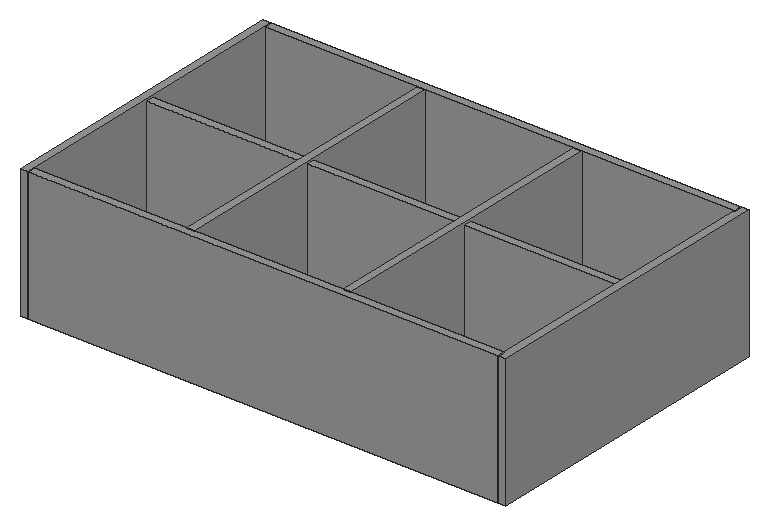
Revit family "TMI - W1170 - Wall_Open Compartments1", category Casework, host Face, Revit 2016
Family settings
  Host = Face
  OmniClass Number = 23.40.35.14.11
  OmniClass Title = Modular Casework
  Cut with Voids When Loaded = No
  Shared = No
  Room Calculation Point = No
Parameters (values of type "48" x 30" x 13"")
  Width = 48"
  Verticle Partition [instance] = Width > 39"  # yes
  URL = "www.tmisystems.com"
  Two Verticals [instance] = Amount of Verticals = 2  # yes
  Two Shelves [instance] = Shelf Quantity = 2  # no
  Three Shelves [instance] = Shelf Quantity = 3  # no
  Shelf Thickness = 3/4"
  Shelf Quantity [instance] = 1
  One Vertical [instance] = Amount of Verticals = 1  # no
  One Shelf [instance] = Shelf Quantity = 1  # yes
  Model = "W1170"
  Manufacturer = "TMI Systems Corporation"
  Interior Finish = none
  Height = 30"
  Filler Width (Right) [instance] = 3"
  Filler Width (Left) [instance] = 3"
  Filler Right [instance] = no
  Filler Left [instance] = no
  TFM Thickness = 1/32"
  Description = "Wall, Open Compartments"
  Depth = 13"
  Default Elevation = 84"
  Casework Thickness = 3/4"
  Casework Back Thickness = 1/4"
  Cabinet Finish = Plastic Laminate
  Amount of Verticals [instance] = 2
Types (7): name | Width | Verticle Partition
  30" x 30" x 13" | 30" | no
  33" x 30" x 13" | 33" | no
  36" x 30" x 13" | 36" | no
  39" x 30" x 13" | 39" | no
  42" x 30" x 13" | 42" | yes
  45" x 30" x 13" | 45" | yes
  48" x 30" x 13" | 48" | yes
Reference planes (in)
  plane 1 "Center (Front/Back)": y = 0
  plane 2: z = 0
  plane 3 "Center (Left/Right)": x = 0
  plane 4: x = -24
  plane 5: x = 24
  plane 6: y = -25.25
  plane 7: y = -4.75
  plane 8: x = -27
  plane 9: x = 27
  plane 10: z = 0.75
  plane 11: z = 1
  plane 12: y = -30
  plane 13: x = -23.25
  plane 14: y = -29.25
  plane 15: x = 23.25
  plane 16: y = -0.75
  plane 17: y = -7.3125
  plane 18: y = -8.0625
  plane 19: y = -14.625
  plane 20: y = -15.375
  plane 21: y = -19.5
  plane 22: y = -20.25
  plane 23: y = -21.9375
  plane 24: y = -22.6875
  plane 25: y = -9.75
  plane 26: y = -10.5
  plane 27: x = -0.375
  plane 28: x = 0.375
  plane 29: z = 12.875
  plane 30: x = -7.75
  plane 31: x = 7.75
  plane 32: x = 8.125
  plane 33: x = 7.375
  plane 34: x = -8.125
  plane 35: x = -7.375
  plane 36: z = 13
  plane 37: z = 12.25
  plane 38: y = -0.375
  plane 39: y = -29.625
Forms (in)
  Extrusion 1, solid, material "Plastic Laminate" <- "Cabinet Finish"
    sketch origin (0, -30, 0) x (1, 0, 0) y (0, 1, 0)
      loop
        line (-24, 30) -> (-24, 0) -> (-23.25, 0) -> (-23.25, 30) -> (-24, 30)
      loop
        line (23.25, 30) -> (23.25, 0) -> (24, 0) -> (24, 30) -> (23.25, 30)
    from 0 to 13
  Extrusion 2, solid, material "Plastic Laminate" <- "Cabinet Finish"
    sketch origin (0, -30, 0) x (1, 0, 0) y (0, 1, 0)
      loop
        line (-23.25, 29.25) -> (23.25, 29.25) -> (23.25, 30) -> (-23.25, 30) -> (-23.25, 29.25)
      loop
        line (-23.25, 0.75) -> (-23.25, 0) -> (23.25, 0) -> (23.25, 0.75) -> (-23.25, 0.75)
    from 0 to 13
  Extrusion 3, solid, material "Wood"
    sketch origin (0, -30, 0) x (1, 0, 0) y (0, 1, 0)
      loop
        line (-23.28125, 29.25) -> (-23.28125, 25.25) -> (23.28125, 25.25) -> (23.28125, 29.25) -> (-23.28125, 29.25)
      loop
        line (-23.28125, 4.75) -> (-23.28125, 0.75) -> (23.28125, 0.75) -> (23.28125, 4.75) -> (-23.28125, 4.75)
    from 0 to 0.75
  Extrusion 4, solid, material "Plastic Laminate" <- "Cabinet Finish"
    sketch origin (0, 0, 0) x (1, 0, 0) y (0, 0, 1)
      loop
        line (-23.28125, 1) -> (-23.28125, 0.75) -> (23.28125, 0.75) -> (23.28125, 1) -> (-23.28125, 1)
    from 0.375 to 29.625
  Extrusion 5, solid, material "Plastic Laminate" <- "Cabinet Finish", visible <- "Filler Left"
    sketch origin (0, -30, 0) x (1, 0, 0) y (0, 1, 0)
      loop
        line (-27, 30) -> (-27, 0) -> (-24, 0) -> (-24, 30) -> (-27, 30)
    from 12.25 to 13
  Extrusion 6, solid, material "Plastic Laminate" <- "Cabinet Finish", visible <- "Filler Right"
    sketch origin (0, -30, 0) x (1, 0, 0) y (0, 1, 0)
      loop
        line (27, 30) -> (24, 30) -> (24, 0) -> (27, 0) -> (27, 30)
    from 12.25 to 13
  Extrusion 7, solid, material "Plastic Laminate" <- "Cabinet Finish", visible <- "Three Shelves"
    sketch origin (0, 0, 0) x (1, 0, 0) y (0, 1, 0)
      loop
        line (-23.25, -7.3125) -> (-23.25, -8.0625) -> (23.25, -8.0625) -> (23.25, -7.3125) -> (-23.25, -7.3125)
    from 1 to 12.875
  Extrusion 8, solid, material "Plastic Laminate" <- "Cabinet Finish", visible <- "Two Shelves"
    sketch origin (0, 0, 0) x (1, 0, 0) y (0, 1, 0)
      loop
        line (-23.25, -9.75) -> (-23.25, -10.5) -> (23.25, -10.5) -> (23.25, -9.75) -> (-23.25, -9.75)
    from 1 to 12.875
  Extrusion 9, solid, material "Plastic Laminate" <- "Cabinet Finish", visible <- "Three Shelves"
    sketch origin (0, 0, 0) x (1, 0, 0) y (0, 1, 0)
      loop
        line (-23.25, -14.625) -> (-23.25, -15.375) -> (23.25, -15.375) -> (23.25, -14.625) -> (-23.25, -14.625)
    from 1 to 12.875
  Extrusion 10, solid, material "Plastic Laminate" <- "Cabinet Finish", visible <- "Two Shelves"
    sketch origin (0, 0, 0) x (1, 0, 0) y (0, 1, 0)
      loop
        line (-23.25, -19.5) -> (-23.25, -20.25) -> (23.25, -20.25) -> (23.25, -19.5) -> (-23.25, -19.5)
    from 1 to 12.875
  Extrusion 11, solid, material "Plastic Laminate" <- "Cabinet Finish", visible <- "Three Shelves"
    sketch origin (0, 0, 0) x (1, 0, 0) y (0, 1, 0)
      loop
        line (-23.25, -21.9375) -> (-23.25, -22.6875) -> (23.25, -22.6875) -> (23.25, -21.9375) -> (-23.25, -21.9375)
    from 1 to 12.875
  Extrusion 12, solid, material "Plastic Laminate" <- "Cabinet Finish", visible <- "One Shelf"
    sketch origin (0, 0, 0) x (1, 0, 0) y (0, 1, 0)
      loop
        line (-23.25, -14.625) -> (-23.25, -15.375) -> (23.25, -15.375) -> (23.25, -14.625) -> (-23.25, -14.625)
    from 1 to 12.875
  Extrusion 13, solid, material "Plastic Laminate" <- "Cabinet Finish", visible <- "One Vertical"
    sketch origin (0, 0, 0) x (1, 0, 0) y (0, 1, 0)
      loop
        line (-0.375, -0.75) -> (-0.375, -29.25) -> (0.375, -29.25) -> (0.375, -0.75) -> (-0.375, -0.75)
    from 1 to 13
  Extrusion 14, solid, material "Plastic Laminate" <- "Cabinet Finish", visible <- "Two Verticals"
    sketch origin (0, 0, 0) x (1, 0, 0) y (0, 1, 0)
      loop
        line (8.125, -0.75) -> (7.375, -0.75) -> (7.375, -29.25) -> (8.125, -29.25) -> (8.125, -0.75)
      loop
        line (-8.125, -29.25) -> (-7.375, -29.25) -> (-7.375, -0.75) -> (-8.125, -0.75) -> (-8.125, -29.25)
    from 1 to 13
Lines and regions (in)
  Masking region 1
    outline origin (0, 0, 0) x (1, 0, 0) y (0, 0, 1)
      loop
        line (-24, 13) -> (-24, 0) -> (24, 0) -> (24, 13) -> (-24, 13)
  Masking region 2, visible <- "Filler Left"
    outline origin (0, 0, 0) x (1, 0, 0) y (0, 0, 1)
      loop
        line (-27, 13) -> (-27, 12.25) -> (-24, 12.25) -> (-24, 13) -> (-27, 13)
  Masking region 3, visible <- "Filler Right"
    outline origin (0, 0, 0) x (1, 0, 0) y (0, 0, 1)
      loop
        line (24, 13) -> (24, 12.25) -> (27, 12.25) -> (27, 13) -> (24, 13)
  symbolic lines
    curve 1: line (24, 0, 0) -> (24, -30, 0)
  symbolic lines, style "CaseworkHiddenLines", visible <- "Three Shelves"
    curve 2: line (0, -7.3125, 1) -> (0, -7.3125, 12.875)
    curve 3: line (0, -7.3125, 12.875) -> (0, -8.0625, 12.875)
    curve 4: line (0, -8.0625, 12.875) -> (0, -8.0625, 1)
    curve 11: line (0, -14.625, 1) -> (0, -14.625, 12.875)
    curve 12: line (0, -14.625, 12.875) -> (0, -15.375, 12.875)
    curve 13: line (0, -15.375, 12.875) -> (0, -15.375, 1)
    curve 17: line (0, -21.9375, 1) -> (0, -21.9375, 12.875)
    curve 18: line (0, -21.9375, 12.875) -> (0, -22.6875, 12.875)
    curve 19: line (0, -22.6875, 12.875) -> (0, -22.6875, 1)
  symbolic lines, style "CaseworkHiddenLines", visible <- "Two Shelves"
    curve 5: line (0, -9.75, 1) -> (0, -9.75, 12.875)
    curve 6: line (0, -9.75, 12.875) -> (0, -10.5, 12.875)
    curve 7: line (0, -10.5, 12.875) -> (0, -10.5, 1)
    curve 14: line (0, -19.5, 1) -> (0, -19.5, 12.875)
    curve 15: line (0, -19.5, 12.875) -> (0, -20.25, 12.875)
    curve 16: line (0, -20.25, 12.875) -> (0, -20.25, 1)
  symbolic lines, style "CaseworkHiddenLines", visible <- "One Shelf"
    curve 8: line (0, -14.625, 1) -> (0, -14.625, 12.875)
    curve 9: line (0, -14.625, 12.875) -> (0, -15.375, 12.875)
    curve 10: line (0, -15.375, 12.875) -> (0, -15.375, 1)
Dimensions and locks (in)
  "Casework Thickness": plane 4 to plane 13
  "Casework Thickness": plane 15 to plane 5
  "Filler Width (Left)": plane 8 to plane 4
  "Filler Width (Right)": plane 5 to plane 9
  "Height": plane 1 "Center (Front/Back)" to plane 12
  "Width": plane 4 to plane 5
  equal spacing: plane 4, plane 3 "Center (Left/Right)", plane 5
  "Casework Thickness": plane 10 to plane 2
  "Casework Back Thickness": plane 11 to plane 10
  "Shelf Thickness": plane 17 to plane 18
  "Shelf Thickness": plane 19 to plane 20
  "Shelf Thickness": plane 21 to plane 22
  "Shelf Thickness": plane 23 to plane 24
  "Shelf Thickness": plane 25 to plane 26
  "Casework Thickness": plane 14 to plane 12
  "Casework Thickness": plane 16 to plane 1 "Center (Front/Back)"
  equal spacing: plane 14, plane 23, plane 19, plane 17, plane 1 "Center (Front/Back)"
  equal spacing: plane 14, plane 21, plane 25, plane 1 "Center (Front/Back)"
  "Casework Thickness": plane 27 to plane 28
  equal spacing: plane 27, plane 3 "Center (Left/Right)", plane 28
  "Casework Thickness": plane 34 to plane 35
  equal spacing: plane 34, plane 30, plane 35
  equal spacing: plane 33, plane 31, plane 32
  "Casework Thickness": plane 33 to plane 32
  "Depth": plane 36 to plane 2
  equal spacing: plane 13, plane 30, plane 31, plane 15
  locked: plane 6 to plane 14 at 4
  locked: plane 16 to plane 7 at 4
  locked: plane 36 to plane 29 at 0.125
  locked: plane 36 to plane 37 at 0.75
  locked: plane 38 to plane 16 at 0.375
  locked: plane 14 to plane 39 at 0.375
  aligned and locked: plane 2 to host face
  aligned and locked: level to host face
  aligned and locked: plane 4 to Extrusion 1 sketch curve
  aligned and locked: Extrusion 1 sketch curve to plane 5
  aligned and locked: Extrusion 1 to plane 2
  aligned and locked: Extrusion 2 to plane 2
  aligned and locked: Extrusion 3 to plane 2
  aligned and locked: Extrusion 3 to plane 10
  aligned and locked: Extrusion 4 sketch curve to plane 11
  aligned and locked: Extrusion 4 sketch curve to plane 10
  aligned and locked: plane 8 to Extrusion 5 sketch curve
  aligned and locked: Extrusion 5 sketch curve to plane 4
  aligned and locked: plane 9 to Extrusion 6 sketch curve
  aligned and locked: Extrusion 6 sketch curve to plane 5
  aligned and locked: curve 1 to plane 5
  aligned and locked: Extrusion 2 to plane 1 "Center (Front/Back)"  (x4)
  aligned and locked: Extrusion 3 to plane 7  (x2)
  aligned and locked: Extrusion 7 sketch curve to plane 17
  aligned and locked: plane 13 to Extrusion 7 sketch curve
  aligned and locked: Extrusion 7 sketch curve to plane 18
  aligned and locked: plane 15 to Extrusion 7 sketch curve
  aligned and locked: Extrusion 8 sketch curve to plane 25
  aligned and locked: plane 13 to Extrusion 8 sketch curve
  aligned and locked: Extrusion 8 sketch curve to plane 26
  aligned and locked: plane 15 to Extrusion 8 sketch curve
  aligned and locked: Extrusion 9 sketch curve to plane 19
  aligned and locked: plane 13 to Extrusion 9 sketch curve
  aligned and locked: Extrusion 9 sketch curve to plane 20
  aligned and locked: plane 15 to Extrusion 9 sketch curve
  aligned and locked: Extrusion 10 sketch curve to plane 21
  aligned and locked: plane 13 to Extrusion 10 sketch curve
  aligned and locked: Extrusion 10 sketch curve to plane 22
  aligned and locked: plane 15 to Extrusion 10 sketch curve
  aligned and locked: Extrusion 11 sketch curve to plane 23
  aligned and locked: plane 13 to Extrusion 11 sketch curve
  aligned and locked: Extrusion 11 sketch curve to plane 24
  aligned and locked: plane 15 to Extrusion 11 sketch curve
  aligned and locked: Extrusion 11 to plane 11
  aligned and locked: Extrusion 10 to plane 11
  aligned and locked: Extrusion 9 to plane 11
  aligned and locked: Extrusion 8 to plane 11
  aligned and locked: Extrusion 7 to plane 11
  aligned and locked: plane 4 to Extrusion 5  (x3)
  aligned and locked: Extrusion 1 to plane 1 "Center (Front/Back)"  (x4)
  aligned and locked: Extrusion 6 to plane 5  (x2)
  aligned and locked: Extrusion 1 to plane 4
  aligned and locked: Extrusion 2 to plane 12  (x2)
  aligned and locked: plane 5 to Extrusion 1
  aligned and locked: Extrusion 1 to plane 12  (x2)
  aligned and locked: Extrusion 12 sketch curve to plane 20
  aligned and locked: Extrusion 12 sketch curve to plane 19
  aligned and locked: plane 15 to Extrusion 12 sketch curve
  aligned and locked: plane 13 to Extrusion 12 sketch curve
  aligned and locked: Extrusion 12 to plane 11
  aligned and locked: plane 2 to Masking region 1 sketch curve
  aligned and locked: Masking region 1 sketch curve to plane 5
  aligned and locked: plane 4 to Masking region 1 sketch curve
  aligned and locked: Extrusion 2 to plane 16
  aligned and locked: plane 13 to Extrusion 1
  aligned and locked: Extrusion 2 to plane 13  (x2)
  aligned and locked: Extrusion 2 to plane 14
  aligned and locked: plane 15 to Extrusion 1
  aligned and locked: Extrusion 2 to plane 15  (x2)
  aligned and locked: plane 27 to Extrusion 13 sketch curve
  aligned and locked: plane 28 to Extrusion 13 sketch curve
  aligned and locked: plane 14 to Extrusion 13 sketch curve
  aligned and locked: plane 16 to Extrusion 13 sketch curve
  aligned and locked: Extrusion 13 to plane 11
  aligned and locked: Extrusion 14 sketch curve to plane 35
  aligned and locked: Extrusion 14 sketch curve to plane 34
  aligned and locked: Extrusion 14 sketch curve to plane 32
  aligned and locked: Extrusion 14 sketch curve to plane 33
  aligned and locked: plane 16 to Extrusion 14 sketch curve  (x2)
  aligned and locked: plane 14 to Extrusion 14 sketch curve  (x2)
  aligned and locked: Extrusion 14 to plane 11
  aligned and locked: plane 8 to Masking region 2 sketch curve
  aligned and locked: Masking region 2 sketch curve to plane 4
  aligned and locked: plane 5 to Masking region 3 sketch curve
  aligned and locked: Masking region 3 sketch curve to plane 9
  aligned and locked: Extrusion 6 to plane 36
  aligned and locked: plane 36 to Extrusion 5
  aligned and locked: Extrusion 1 to plane 36
  aligned and locked: Extrusion 2 to plane 36
  aligned and locked: plane 36 to Extrusion 13
  aligned and locked: plane 36 to Extrusion 14
  aligned and locked: Extrusion 11 to plane 29
  aligned and locked: Extrusion 10 to plane 29
  aligned and locked: Extrusion 12 to plane 29
  aligned and locked: Extrusion 8 to plane 29
  aligned and locked: Extrusion 7 to plane 29
  aligned and locked: Masking region 1 to plane 36
  aligned and locked: plane 29 to Extrusion 9
  aligned and locked: plane 11 to curve 2
  aligned and locked: plane 11 to curve 4
  aligned and locked: plane 11 to curve 5
  aligned and locked: plane 11 to curve 7
  aligned and locked: plane 11 to curve 8
  aligned and locked: plane 11 to curve 10
  aligned and locked: plane 11 to curve 11
  aligned and locked: plane 11 to curve 13
  aligned and locked: plane 11 to curve 14
  aligned and locked: plane 11 to curve 16
  aligned and locked: plane 11 to curve 17
  aligned and locked: plane 11 to curve 19
  aligned and locked: curve 17 to plane 23
  aligned and locked: plane 24 to curve 19
  aligned and locked: plane 22 to curve 16
  aligned and locked: curve 14 to plane 21
  aligned and locked: curve 11 to plane 19
  aligned and locked: plane 20 to curve 13
  aligned and locked: curve 8 to plane 19
  aligned and locked: curve 12 to plane 29
  aligned and locked: curve 15 to plane 29
  aligned and locked: curve 18 to plane 29
  aligned and locked: curve 5 to plane 25
  aligned and locked: plane 26 to curve 7
  aligned and locked: curve 6 to plane 29
  aligned and locked: plane 18 to curve 4
  aligned and locked: curve 2 to plane 17
  aligned and locked: curve 3 to plane 29
  aligned and locked: Extrusion 5 to plane 37
  aligned and locked: Extrusion 6 to plane 37
  aligned and locked: plane 6 to Extrusion 3
  aligned and locked: Extrusion 3 to plane 14
  aligned and locked: Extrusion 3 to plane 16
  aligned and locked: Extrusion 4 to plane 38
  aligned and locked: plane 39 to Extrusion 4
  aligned and locked: Masking region 2 to plane 37
  aligned and locked: Masking region 3 to plane 37
Automatic sketch dimensions
  host sketch curve to host sketch curve = 96"
  host sketch curve to host sketch curve = 95"
  curve 1 to plane 12 = 0"
  plane 1 "Center (Front/Back)" to curve 1 = 0"
  Extrusion 1 sketch curve to plane 12 = 0"  (x2)
  plane 1 "Center (Front/Back)" to Extrusion 1 sketch curve = 0"  (x2)
  Extrusion 2 sketch curve to plane 12 = 0"
  plane 1 "Center (Front/Back)" to Extrusion 2 sketch curve = 0"
  Extrusion 3 sketch curve to plane 6 = 0"
  Extrusion 3 sketch curve to plane 7 = 0"
  Extrusion 5 sketch curve to plane 12 = 0"
  plane 1 "Center (Front/Back)" to Extrusion 5 sketch curve = 0"
  Extrusion 6 sketch curve to plane 12 = 0"
  plane 1 "Center (Front/Back)" to Extrusion 6 sketch curve = 0"
  Extrusion 2 sketch curve to plane 16 = 0"
  Extrusion 3 sketch curve to plane 16 = 0"
  Extrusion 1 sketch curve to plane 13 = 0"
  Extrusion 2 sketch curve to plane 13 = 0"  (x2)
  Extrusion 3 sketch curve to plane 13 = 1/32"  (x2)
  Extrusion 4 sketch curve to plane 13 = 1/32"
  Extrusion 2 sketch curve to plane 14 = 0"
  Extrusion 3 sketch curve to plane 14 = 0"
  Extrusion 1 sketch curve to plane 15 = 0"
  Extrusion 2 sketch curve to plane 15 = 0"  (x2)
  Extrusion 3 sketch curve to plane 15 = 1/32"  (x2)
  Extrusion 4 sketch curve to plane 15 = 1/32"
  plane 11 to Masking region 1 sketch curve = 12"
  plane 29 to Masking region 2 sketch curve = 1/8"
  plane 29 to Masking region 3 sketch curve = 1/8"
  level to Masking region 2 sketch curve = 12 1/4"
  level to Masking region 3 sketch curve = 12 1/4"
